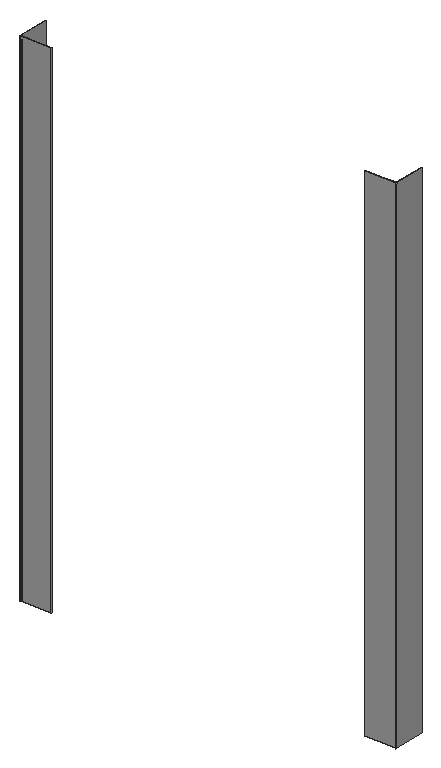
Revit family "ITK_Профиль вертикальный_Винтовое крепление_6U-12U", category Обобщенные модели, Revit 2019
Family settings
  Может служить основой для арматурных стержней = Нет
  Размер круглого соединителя = Использовать диаметр
  Тип детали = Нормальный
  На основе рабочей плоскости = Нет
  Всегда вертикально = Да
  При загрузке вырезать с полостями = Нет
  Общий = Нет
  Точка расчета площади = Нет
Parameters (values of type "806.5_Серый")
  Ширина = 600 mm  # constant formula
  Степень защиты = ""
  Изготовитель = "ITK"  # constant formula
  Дата изменения = ""
  Тип монтажа = "Винтовое крепление"  # constant formula
  Высота = 806.5 mm
  URL = "https://www.iek.ru/"
  KSI_CPr_Строительные изделия = "61.1.04.08"  # constant formula
  KSI_CMa_Строительные материалы = "10.03.02.06"  # constant formula
  IEK_Цена за единицу = 409.96
  IEK_Поиск в таблице имен = ""
  IEK_Описание = "Изготовлены из высококачественной листовой оцинкованной стали толщиной 1,5 мм. Имеют цифровую маркировку высоты в юнитах. L-образная форма профиля с боковыми отверстиями для фиксации аксессуаров и полок без использования фронтальных отверстий. 100% совместимость с настенными шкафами серии LINEA W и LINEA WE. Выполнены в соответствии со стандартами ГОСТ 28601.1-90 и 28601.2-90. Поставляются комплектом 2 шт. в качественной упаковке."
  IEK_URL = "https://www.itk-group.ru/produktsiya/catalog/oborudovanie_telekommunikatsionnoe/shkafy_telekommunikatsionnye/shkafy_nastennye/shkafy_serii_linea_we/prinadlezhnosti_dlya_shkafov_linea_we/itk_profil_vertikalnyy_19_18u_2sht_kompl"
  ADSK_Примечание = ""
  ADSK_Позиция [instance] = ""
  ADSK_Наименование = "ITK Профиль вертикальный 19\" 18U (2шт/компл)"
  ADSK_Материал обозначение = ""
  ADSK_Материал наименование = "Листовая сталь"  # constant formula
  ADSK_Масса = 0.97
  ADSK_Марка = "LINEA W, LINEA WE"  # constant formula
  ADSK_Код изделия = "LWE-18U-PRF"
  ADSK_Завод-изготовитель = "IEK"  # constant formula
  ADSK_Единица измерения = "компл"  # constant formula
  ADSK_Группирование = "I. ЩИТЫ И ПУЛЬТЫ"  # constant formula
  ADSK_Версия семейства = "1.0"  # constant formula
  ADSK_Версия Revit = "2019"  # constant formula
  ADSK_URL страницы изделия = "https://www.itk-group.ru/produktsiya/catalog/oborudovanie_telekommunikatsionnoe/shkafy_telekommunikatsionnye/shkafy_nastennye/shkafy_serii_linea_we/prinadlezhnosti_dlya_shkafov_linea_we/?pagec=100"
Types (5, lengths in mm): name | Высота | IEK_Цена за единицу | IEK_URL | ADSK_Наименование | ADSK_Масса | ADSK_Код изделия
  273_Серый | 273 | 221.54 | "https://www.itk-group.ru/produktsiya/catalog/oborudovanie_telekommunikatsionnoe/shkafy_telekommunikatsionnye/shkafy_nastennye/shkafy_serii_linea_we/prinadlezhnosti_dlya_shkafov_linea_we/itk_profil_vertikalnyy_19_6u_2sht_kompl" | "ITK Профиль вертикальный 19\" 6U (2шт/компл)" | 0.34 | "LWE-06U-PRF"
  406.5_Серый | 406.5 | 254.1 | "https://www.itk-group.ru/produktsiya/catalog/oborudovanie_telekommunikatsionnoe/shkafy_telekommunikatsionnye/shkafy_nastennye/shkafy_serii_linea_we/prinadlezhnosti_dlya_shkafov_linea_we/itk_profil_vertikalnyy_19_9u_2sht_kompl" | "ITK Профиль вертикальный 19\" 9U (2шт/компл)" | 0.5 | "LWE-09U-PRF"
  539.5_Серый | 539.5 | 315.7 | "https://www.itk-group.ru/produktsiya/catalog/oborudovanie_telekommunikatsionnoe/shkafy_telekommunikatsionnye/shkafy_nastennye/shkafy_serii_linea_we/prinadlezhnosti_dlya_shkafov_linea_we/itk_profil_vertikalnyy_19_12u_2sht_kompl" | "ITK Профиль вертикальный 19\" 12U (2шт/компл)" | 0.65 | "LWE-12U-PRF"
  673_Серый | 673 | 368.58 | "https://www.itk-group.ru/produktsiya/catalog/oborudovanie_telekommunikatsionnoe/shkafy_telekommunikatsionnye/shkafy_nastennye/shkafy_serii_linea_we/prinadlezhnosti_dlya_shkafov_linea_we/itk_profil_vertikalnyy_19_15u_2sht_kompl" | "ITK Профиль вертикальный 19\" 15U (2шт/компл)" | 0.8 | "LWE-15U-PRF"
  806.5_Серый | 806.5 | 409.96 | "https://www.itk-group.ru/produktsiya/catalog/oborudovanie_telekommunikatsionnoe/shkafy_telekommunikatsionnye/shkafy_nastennye/shkafy_serii_linea_we/prinadlezhnosti_dlya_shkafov_linea_we/itk_profil_vertikalnyy_19_18u_2sht_kompl" | "ITK Профиль вертикальный 19\" 18U (2шт/компл)" | 0.97 | "LWE-18U-PRF"
Reference planes
  plane 1 "По центру (Вперед/Назад)": y = 0
  plane 2: z = 0
  plane 3 "По центру (Влево/Вправо)": x = 0
  plane 4: x = 300
  plane 5: x = -300
  plane 6: x = -250
  plane 7: x = 250
  plane 8: z = 806.5
Forms (mm)
  Extrusion 1, solid, material "Окраска - RAL 7035", detail levels fine
    sketch origin (0, 0, 0) x (1, 0, 0) y (0, 1, 0)
      loop
        arc (-300, 1.012) -> (-299.704, 0.296) -> (-298.988, 0) r 1.012
        line (-298.988, 0) -> (-250, 0) -> (-250, 1.5) -> (-274.911, 1.5) -> (-297.517, 1.5)
        arc (-297.517, 1.5) -> (-298.212, 1.788) -> (-298.5, 2.483) r 0.983
        line (-298.5, 2.483) -> (-298.5, 50) -> (-300, 50) -> (-300, 1.012)
      loop
        line (300, 1.012) -> (300, 50) -> (298.5, 50) -> (298.5, 2.483)
        arc (298.5, 2.483) -> (298.212, 1.788) -> (297.517, 1.5) r 0.983
        line (297.517, 1.5) -> (278.773, 1.5) -> (250, 1.5) -> (250, 0) -> (298.988, 0)
        arc (298.988, 0) -> (299.704, 0.296) -> (300, 1.012) r 1.012
    from 0 to 806.5
  Extrusion 2, solid, material "Условный материал-отделка", detail levels coarse+medium
    sketch origin (0, 0, 0) x (1, 0, 0) y (0, 1, 0)
      loop
        line (-250, 50) -> (-300, 50) -> (-300, 0) -> (-250, 0) -> (-250, 50)
      loop
        line (300, 0) -> (300, 50) -> (250, 50) -> (250, 0) -> (300, 0)
    from 0 to 806.5 <- "Высота"
Dimensions and locks
  equal spacing: plane 5, plane 3 "По центру (Влево/Вправо)", plane 4
  Extrusion 1 sketch curve to plane 4 = 1.5 mm
  "Ширина": plane 5 to plane 4
  locked: plane 5 to plane 6 at 50
  locked: plane 7 to plane 4 at 50
  "Высота": plane 8 to plane 2
  aligned and locked: level to plane 2
  aligned and locked: plane 5 to Extrusion 1
  aligned and locked: Extrusion 1 to plane 4
  aligned and locked: plane 6 to Extrusion 1 sketch curve
  aligned and locked: plane 7 to Extrusion 1 sketch curve
  aligned and locked: plane 8 to Extrusion 1
  aligned and locked: Extrusion 2 sketch curve to plane 6
  aligned and locked: Extrusion 2 sketch curve to plane 5
  aligned and locked: Extrusion 2 sketch curve to plane 1 "По центру (Вперед/Назад)"  (x2)
  aligned and locked: Extrusion 2 sketch curve to Extrusion 1  (x2)
  aligned and locked: Extrusion 2 sketch curve to plane 4
  aligned and locked: Extrusion 2 sketch curve to plane 7
Automatic sketch dimensions
  plane 1 "По центру (Вперед/Назад)" to Extrusion 1 sketch curve = 0 mm  (x2)
  Extrusion 1 sketch curve to plane 5 = 0 mm
  Extrusion 1 sketch curve to plane 1 "По центру (Вперед/Назад)" = 1.012 mm
  Extrusion 1 sketch curve to Extrusion 1 sketch curve = 0.983 mm
  Extrusion 1 sketch curve to plane 1 "По центру (Вперед/Назад)" = 1.5 mm  (x2)
  Extrusion 1 sketch curve to Extrusion 1 sketch curve = 22.606 mm
  Extrusion 1 sketch curve to plane 1 "По центру (Вперед/Назад)" = 2.483 mm
  Extrusion 1 sketch curve to Extrusion 1 sketch curve = 18.744 mm
  Extrusion 1 sketch curve to Extrusion 1 sketch curve = 1.47 mm
  Extrusion 1 sketch curve to Extrusion 1 sketch curve = 1.5 mm
  Extrusion 1 sketch curve to Extrusion 1 sketch curve = 47.517 mm  (x2)
  Extrusion 1 sketch curve to plane 5 = 1.5 mm
